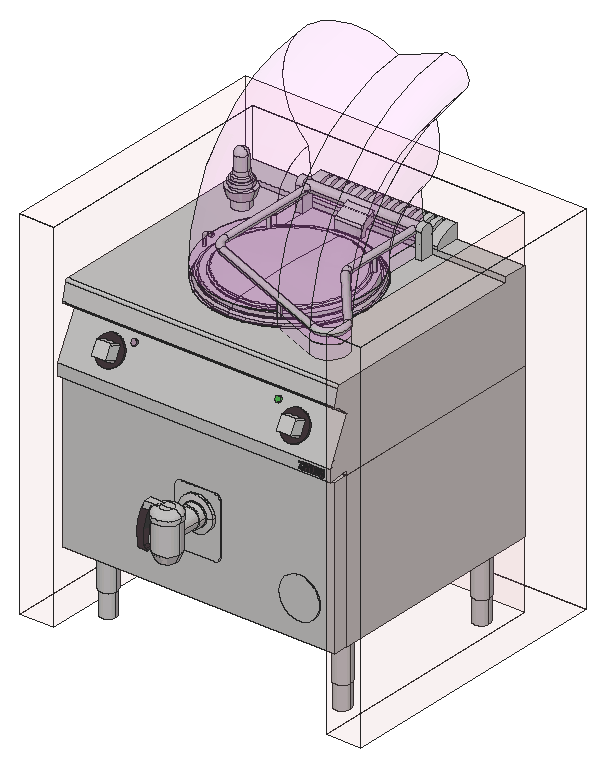
Revit family "QF_ZANUSSI_372269_Z7BSGHINF0", category Attrezzature speciali, Revit 2020
Family settings
  Quota connettore circolare = Usa diametro
  Tipo di parte = Normale
  Basato su piano di lavoro = No
  Sempre verticale = Sì
  Taglio con vuoti quando caricato = No
  Condiviso = Sì
  Punto di calcolo locali = No
Parameters (values of type "Standard")
  Weight = 220.462 lbm
  Watts = 100 W
  Volts = 230 V
  URL Manufacturer = "http://www.zanussiprofessional.com"
  URL = "http://www.zanussiprofessional.com"
  Steam Supply Size = 0"
  Steam Supply Minimum Pressure = 0.00 psi
  Steam Supply Maximum Pressure = 0.00 psi
  Steam Consumption per Hour = 0
  Show Logo [instance] = yes
  Show Clearance [instance] = yes
  Refrigeration Suction Line Size = 0 mm
  Refrigeration Liquid Line Size = 0 mm
  Refrigerant Compressor Remote = yes
  Prospetto di default = 0 mm
  Produttore = "Zanussi"
  Phase = 1
  Modello = "Z7BSGHINF0"
  Length Actual = 800 mm  # constant formula
  Item Number = "372269"
  Hot Water Size = 0"
  Height Actual = 850 mm  # constant formula
  HP = "0.1 HP"
  Gas Size = 1/2"
  Gas KW = 14
  Gas Input Pressure = 0.469158 Btu/h
  Direct Waste Size = 5 1/2"
  Descrizione = "60 LT GAS INDIRECT BOILING PAN"
  Depth Actual = 700 mm  # constant formula
  Cycle = 50 Hz
  Condensate Return Size = 0"
  Compressed Air Volume = 0 GPM
  Compressed Air Size = 0"
  Compressed Air Pressure = 0.00 psi
  Cold Water Size = 0"
  Accessory = yes
Reference planes
  plane 1 "BACK": y = 0
  plane 2: z = 0
  plane 3 "LEFT": x = 0
  plane 4 "RIGHT": x = 800
  plane 5 "FRONT": y = -730
  plane 6: z = 850
  plane 7: z = 150
  plane 8: x = -100
  plane 9: x = 900
  plane 10: y = 100
  plane 11: z = 449
  plane 12 "Top": z = 850
  plane 13: y = -365
  plane 14: x = 400
  plane 15: x = 500
  plane 16: z = 890.905
  plane 17: z = 1045.049
Forms (mm)
  Extrusion 1, solid, material "QF_Finishes_Clearance", visible <- "Show Clearance"
    sketch origin (0, -80, 0) x (1, 0, 0) y (0, 1, 0)
      loop
        line (-100, -650) -> (0, -650) -> (0, 80) -> (800, 80) -> (800, -650) -> (900, -650) -> (900, 180) -> (-100, 180) -> (-100, -650)
    from 0 to 1055
  Extrusion 2, solid, material "QF_Finishes_Door Clearance", visible <- "Show Clearance"
    sketch origin (0, 42.589, 145) x (1, 0, 0) y (0, 1, 0)
      loop
        line (215, -117.774) -> (215, -152.562) -> (234.241, -152.562) -> (234.241, -247.575)
        arc (234.241, -247.575) -> (220.868, -552.476) -> (521.828, -603.136) r 230.392
        line (521.828, -603.136) -> (660.154, -657.755)
        arc (660.154, -657.755) -> (720.452, -640.077) -> (718.135, -577.284) r 51.161
        line (718.135, -577.284) -> (623.801, -464.862)
        arc (623.801, -464.862) -> (622.911, -349.021) -> (565.758, -248.256) r 230.392
        line (565.758, -248.256) -> (565.758, -152.562) -> (585, -152.562) -> (585, -117.774) -> (215, -117.774)
    from 755 to 795.905
  Revolve 3, solid, material "QF_Finishes_Door Clearance", visible <- "Show Clearance"
    sketch origin (-999.388, 37.227, 940.905) x (1, 0, 0) y (0, 1, 0)
      loop
        line (1214.388, -112.413) -> (1214.388, -147.2) -> (1233.629, -147.2) -> (1233.629, -242.213)
        arc (1233.629, -242.213) -> (1220.256, -547.115) -> (1521.217, -597.774) r 230.392
        line (1521.217, -597.774) -> (1659.542, -652.393)
        arc (1659.542, -652.393) -> (1719.84, -634.715) -> (1717.523, -571.922) r 51.161
        line (1717.523, -571.922) -> (1623.189, -459.5)
        arc (1623.189, -459.5) -> (1622.299, -343.659) -> (1565.146, -242.895) r 230.392
        line (1565.146, -242.895) -> (1565.146, -147.2) -> (1584.388, -147.2) -> (1584.388, -112.413) -> (1214.388, -112.413)
      axis (1214.388, -112.413) -> (1717.523, -112.413)
    angle from 0 to -85
  Extrusion 4, solid, material "QF_Finishes_Stainless Steel"
    sketch origin (0, 0, 50) x (0, 1, 0) y (0, 0, 1)
      loop
        line (0, 601) -> (0, 865) -> (-70, 865) -> (-70, 850) -> (-679.358, 850)
        arc (-679.358, 850) -> (-684.643, 847.811) -> (-686.833, 842.526) r 7.474
        line (-686.833, 842.526) -> (-699.884, 797.011)
        arc (-699.884, 797.011) -> (-699.396, 794.379) -> (-697, 793.184) r 3
        line (-697, 793.184) -> (-686.802, 793.184) -> (-654.982, 761.364) -> (-715, 641.508) -> (-715, 606.508) -> (-658.645, 614.428)
        arc (-658.645, 614.428) -> (-656.101, 613.674) -> (-655, 611.259) r 3.2
        line (-655, 611.259) -> (-655, 601) -> (0, 601)
    from 0 to 800
  Extrusion 5, solid, material "QF_Finishes_Stainless Steel"
    sketch origin (28.192, 0, 82.666) x (1, 0, 0) y (0, 0, 1)
      loop
        circle (241.361, 238.63) r 30
    from 699.69 to 700.841
  Extrusion 6, solid, material "QF_Finishes_Stainless Steel"
    sketch origin (455.707, 0, 73.11) x (1, 0, 0) y (0, 0, 1)
      loop
        circle (241.361, 238.63) r 60
    from 699.69 to 700.841
  Extrusion 7, solid, material "QF_Finishes_Stainless Steel"
    sketch origin (0, 0, 50) x (1, 0, 0) y (0, 1, 0)
      loop
        line (0, 0) -> (0, -655) -> (800, -655) -> (800, 0) -> (0, 0)
    from 150 to 600
  Extrusion 8, solid, material "QF_Finishes_Stainless Steel"
    sketch origin (0, -40, 50) x (0, 1, 0) y (0, 0, 1)
      loop
        line (-660, 601) -> (-660, 150) -> (-620, 150) -> (-620, 601) -> (-660, 601)
    from 0 to 800
  Extrusion 9, solid, material "QF_Finishes_Stainless Steel"
    sketch origin (-1055.159, 259.464, 194.383) x (1, 0, 0) y (0, 1, 0)
      loop
        circle (1102.159, -787.464) r 10
    from -9.383 to 5.617
  Extrusion 10, solid, material "QF_Finishes_Stainless Steel"
    sketch origin (-1055.159, 346.464, 194.383) x (1, 0, 0) y (0, 1, 0)
      loop
        circle (1102.159, -787.464) r 10
    from -9.383 to 5.617
  Extrusion 11, solid, material "QF_Finishes_Stainless Steel"
    sketch origin (-358.159, 333.464, 194.383) x (1, 0, 0) y (0, 1, 0)
      loop
        circle (1102.159, -787.464) r 10
    from -9.383 to 5.617
  Extrusion 12, solid, material "QF_Finishes_Stainless Steel"
    sketch origin (-375.159, 268.464, 194.383) x (1, 0, 0) y (0, 1, 0)
      loop
        circle (1102.159, -787.464) r 10
    from -9.383 to 5.617
  Extrusion 13, solid, material "QF_Finishes_Stainless Steel"
    sketch origin (-602.159, 281.464, 194.383) x (1, 0, 0) y (0, 1, 0)
      loop
        circle (1102.159, -787.464) r 20
    from -9.383 to 5.617
Lines and regions (mm)
  reference lines
    curve 1: line (734, 0, 0) -> (754, 0, 0)
  model lines
    curve 2: line (0, -700, 200) -> (0, -660, 200)
Dimensions and locks
  plane 4 "RIGHT" to plane 3 "LEFT" = 800 mm
  plane 6 to level = 850 mm
  plane 3 "LEFT" to plane 4 "RIGHT" = 800 mm
  plane 5 "FRONT" to plane 1 "BACK" = 730 mm
  plane 8 to plane 3 "LEFT" = 100 mm
  plane 4 "RIGHT" to plane 9 = 100 mm
  plane 10 to plane 1 "BACK" = 100 mm
  equal spacing: plane 3 "LEFT", plane 14, plane 4 "RIGHT"
  equal spacing: plane 5 "FRONT", plane 13, plane 1 "BACK"
  plane 15 to plane 3 "LEFT" = 500 mm
  aligned and locked: level to plane 2
  aligned and locked: plane 5 "FRONT" to Extrusion 1  (x2)
  aligned and locked: Extrusion 1 to plane 4 "RIGHT"
  aligned and locked: plane 3 "LEFT" to Extrusion 1
  aligned and locked: plane 8 to Extrusion 1
  aligned and locked: plane 9 to Extrusion 1
  aligned and locked: plane 10 to Extrusion 1
  aligned and locked: plane 1 "BACK" to Extrusion 1
Automatic sketch dimensions
  curve 2 to plane 5 "FRONT" = 30 mm
  plane 7 to curve 2 = 50 mm
  curve 2 to curve 2 = 40 mm
  plane 5 "FRONT" to Extrusion 1 sketch curve = 0 mm  (x2)
  Extrusion 1 sketch curve to plane 8 = 0 mm
  Extrusion 1 sketch curve to plane 3 "LEFT" = 0 mm
  plane 1 "BACK" to Extrusion 1 sketch curve = 0 mm
  Extrusion 1 sketch curve to plane 4 "RIGHT" = 0 mm
  Extrusion 1 sketch curve to plane 9 = 0 mm
  Extrusion 1 sketch curve to plane 10 = 0 mm
  plane 1 "BACK" to curve 1 = 0 mm
  curve 1 to plane 4 "RIGHT" = 66 mm
  curve 1 to curve 1 = 20 mm
  Extrusion 2 sketch curve to plane 13 = 0 mm
  Extrusion 2 sketch curve to plane 14 = 0 mm
  Extrusion 2 sketch curve to plane 14 = 165.759 mm
  Extrusion 2 sketch curve to Extrusion 2 sketch curve = 19.241 mm
  plane 14 to Extrusion 2 sketch curve = 0.37 mm
  Extrusion 2 sketch curve to plane 15 = 21.828 mm
  Extrusion 2 sketch curve to plane 15 = 65.758 mm
  Extrusion 2 sketch curve to Extrusion 2 sketch curve = 19.242 mm
  Extrusion 2 sketch curve to plane 13 = 57.273 mm
  Extrusion 2 sketch curve to plane 15 = 123.801 mm
  Extrusion 2 sketch curve to plane 4 "RIGHT" = 139.846 mm
  Extrusion 2 sketch curve to Extrusion 2 sketch curve = 18.79 mm
  Extrusion 2 sketch curve to Extrusion 2 sketch curve = 39.191 mm
  Extrusion 2 sketch curve to Extrusion 2 sketch curve = 112.422 mm
  Extrusion 2 sketch curve to plane 5 "FRONT" = 169.453 mm
  Extrusion 2 sketch curve to Extrusion 2 sketch curve = 32.885 mm
  Extrusion 2 sketch curve to plane 13 = 1.065 mm
  Extrusion 2 sketch curve to Extrusion 2 sketch curve = 95.694 mm
  Extrusion 2 sketch curve to Extrusion 2 sketch curve = 95.013 mm
  Extrusion 2 sketch curve to Extrusion 2 sketch curve = 34.788 mm
  Revolve 3 sketch curve to plane 13 = 0 mm
  Revolve 3 sketch curve to plane 14 = 0 mm
  Revolve 3 sketch curve to plane 14 = 165.759 mm
  Revolve 3 sketch curve to Revolve 3 sketch curve = 19.241 mm
  plane 14 to Revolve 3 sketch curve = 0.37 mm
  Revolve 3 sketch curve to plane 15 = 21.828 mm
  Revolve 3 sketch curve to plane 15 = 65.758 mm
  Revolve 3 sketch curve to Revolve 3 sketch curve = 19.242 mm
  Revolve 3 sketch curve to plane 13 = 57.273 mm
  Revolve 3 sketch curve to plane 15 = 123.801 mm
  Revolve 3 sketch curve to plane 4 "RIGHT" = 139.846 mm
  Revolve 3 sketch curve to Revolve 3 sketch curve = 18.79 mm
  Revolve 3 sketch curve to Revolve 3 sketch curve = 39.191 mm
  Revolve 3 sketch curve to Revolve 3 sketch curve = 112.422 mm
  Revolve 3 sketch curve to plane 5 "FRONT" = 169.453 mm
  Revolve 3 sketch curve to Revolve 3 sketch curve = 32.885 mm
  Revolve 3 sketch curve to plane 13 = 1.065 mm
  Revolve 3 sketch curve to Revolve 3 sketch curve = 95.694 mm
  Revolve 3 sketch curve to Revolve 3 sketch curve = 95.013 mm
  Revolve 3 sketch curve to Revolve 3 sketch curve = 34.788 mm  (x2)
  Revolve 3 sketch curve to Revolve 3 sketch curve = 63.573 mm
  plane 15 to Revolve 3 sketch curve = 32.187 mm
  Extrusion 4 sketch curve to plane 1 "BACK" = 0 mm
  plane 16 to Extrusion 4 sketch curve = 24.095 mm
  plane 1 "BACK" to Extrusion 4 sketch curve = 70 mm
  Extrusion 4 sketch curve to plane 5 "FRONT" = 75.018 mm
  Extrusion 4 sketch curve to plane 5 "FRONT" = 75 mm
  Extrusion 4 sketch curve to Extrusion 4 sketch curve = 3.2 mm
  Extrusion 4 sketch curve to Extrusion 4 sketch curve = 0.445 mm
  plane 16 to Extrusion 4 sketch curve = 1.621 mm
  Extrusion 4 sketch curve to plane 5 "FRONT" = 50.642 mm
  Extrusion 4 sketch curve to plane 6 = 6.816 mm
  Extrusion 4 sketch curve to plane 5 "FRONT" = 43.198 mm
  Extrusion 4 sketch curve to Extrusion 4 sketch curve = 7.474 mm
  Extrusion 4 sketch curve to plane 6 = 3.816 mm
  Extrusion 4 sketch curve to Extrusion 4 sketch curve = 10.198 mm
  Extrusion 4 sketch curve to plane 6 = 2.989 mm
  Extrusion 4 sketch curve to plane 5 "FRONT" = 15 mm
  Extrusion 4 sketch curve to plane 6 = 38.636 mm
  Extrusion 4 sketch curve to Extrusion 4 sketch curve = 119.856 mm
  Extrusion 4 sketch curve to Extrusion 4 sketch curve = 27.08 mm
  Extrusion 4 sketch curve to Extrusion 4 sketch curve = 35 mm
  Extrusion 4 sketch curve to Extrusion 4 sketch curve = 10.259 mm
  Extrusion 5 sketch curve to plane 14 = 130.446 mm
  plane 11 to Extrusion 5 sketch curve = 127.704 mm
  Extrusion 6 sketch curve to plane 4 "RIGHT" = 102.932 mm
  plane 11 to Extrusion 6 sketch curve = 137.26 mm
  Extrusion 7 sketch curve to plane 3 "LEFT" = 0 mm
  Extrusion 7 sketch curve to plane 4 "RIGHT" = 0 mm
  plane 1 "BACK" to Extrusion 7 sketch curve = 0 mm
  Extrusion 7 sketch curve to plane 5 "FRONT" = 75 mm
  Extrusion 8 sketch curve to plane 5 "FRONT" = 30 mm
  Extrusion 8 sketch curve to Extrusion 8 sketch curve = 40 mm
  plane 7 to Extrusion 8 sketch curve = 50 mm
  Extrusion 8 sketch curve to plane 6 = 199 mm
  plane 3 "LEFT" to Extrusion 9 sketch curve = 47 mm
  Extrusion 9 sketch curve to plane 13 = 163 mm
  plane 3 "LEFT" to Extrusion 10 sketch curve = 47 mm
  Extrusion 10 sketch curve to plane 13 = 76 mm
  Extrusion 11 sketch curve to plane 4 "RIGHT" = 56 mm
  Extrusion 11 sketch curve to plane 13 = 89 mm
  Extrusion 12 sketch curve to plane 4 "RIGHT" = 73 mm
  Extrusion 12 sketch curve to plane 13 = 154 mm
  Extrusion 13 sketch curve to plane 15 = 0 mm
  Extrusion 13 sketch curve to plane 13 = 141 mm
  radius of Extrusion 5 sketch curve = 30 mm
  radius of Extrusion 6 sketch curve = 60 mm
  radius of Extrusion 9 sketch curve = 10 mm
  radius of Extrusion 10 sketch curve = 10 mm
  radius of Extrusion 11 sketch curve = 10 mm
  radius of Extrusion 12 sketch curve = 10 mm
  radius of Extrusion 13 sketch curve = 20 mm
Nested families
  nested 1: "CHIUSURA_EBOLLITORE_MANIGLIA_420" at (400, -364.434, 900), type "CHIUSURA_EBOLLITORE_MANIGLIA_420"
  nested 2: "Valvola_Sicurezza_Pressione_VERSIONE LARGA" at (99.001, -165.726, 900) x (0, -1, 0) z (0, 0, 1), type "Valvola_Sicurezza_Pressione_VERSIONE LARGA"
  nested 3: "Uscita_Fumi" at (400, -34.925, 915), type "Uscita_Fumi"
  nested 4: "CONTROLLER_XP-ZAN" at (178.223, -683.163, 755.086) x (1, 0, 0) z (0, -0.8942, 0.4478), type "CONTROLLER_XP-ZAN"
  nested 5: "CONTROLLER_XP-ZAN" at (723.911, -685.675, 750.07) x (1, 0, 0) z (0, -0.8942, 0.4478), type "CONTROLLER_XP-ZAN"
  nested 6: "SPIA_RED" at (188.474, -668.991, 791.498) x (1, 0, 0) z (0, -0.9021, 0.4315), type "SPIA_RED"
  nested 7: "SPIA_GREEN" at (611.526, -668.991, 791.498) x (-1, 0, 0) z (0, -0.9021, 0.4315), type "SPIA_GREEN"
  nested 8: "ZANUSSI_Logo" at (748.892, -715, 722.809) x (1, 0, 0) z (0, -1, 0), Show Logo <- "Show Logo", visible <- "Show Logo", type "ZANUSSI_Logo"
    with Show Logo yes
  nested 9: "bocchettone_scarico_SX_ebollitori" at (400, -699.69, 411.296) x (1, 0, 0) z (0, -1, 0), type "bocchettone_scarico_SX_ebollitori"
    with Body Finish QF_Finishes_Stainless Steel
  nested 10: "Piedino 50xH200_par" at (56, -91, 0), type "Piedino 50xH200_par"
    with H 200 mm
  nested 11: "Piedino 50xH200_par" at (744, -91, 0), type "Piedino 50xH200_par"
    with H 200 mm
  nested 12: "Piedino 50xH200_par" at (744, -601, 0), type "Piedino 50xH200_par"
    with H 200 mm
  nested 13: "Piedino 50xH200_par" at (56, -601, 0), type "Piedino 50xH200_par"
    with H 200 mm
Connectors
  piping at (744, -454, 185), diameter 12.7, driven by "Gas Size"
    settings: on Extrusion 11, index 7, connector inside diameter 24", connector length 0 mm, flow factor 0, pipe flow 0 GPM, pressure drop 0.00 psi, fitting loss kfactor 0, connector angle 0.00°, fixture units 0, engagement length 0 mm, angle of deflection 0.00°, flow configuration 0, flow direction 0, fitting loss method 0, system type 29, joint type 0, gender type 0, connector reference index -1, connector utility 0, adjustable connector no, is connector primary yes, connector description "Gas Connection"
  piping at (500, -506, 185), diameter 139.7, driven by "Direct Waste Size"
    settings: on Extrusion 13, index 8, connector inside diameter 24", connector length 0 mm, flow factor 0, pipe flow 0 GPM, pressure drop 0.00 psi, fitting loss kfactor 0, connector angle 0.00°, fixture units 0, engagement length 0 mm, angle of deflection 0.00°, flow configuration 0, flow direction 0, fitting loss method 0, system type 29, joint type 0, gender type 0, connector reference index -1, connector utility 0, adjustable connector no, is connector primary no, connector description "Drain"
  electrical at (727, -519, 185), driven by "Volts"
    settings: on Extrusion 12, index 9, voltage 230 V, apparent load 0 VA, apparent load phase1 0 VA, apparent load phase2 0 VA, apparent load phase3 0 VA, power factor 1, load classification "Altro", number of poles 1, system type 30, power factor state 1, is connector primary yes, connector utility no, sub classification motor no, connector description "Electrical Connection"
  piping at (47, -528, 185), diameter 12.7
    settings: on Extrusion 9, index 10, connector inside diameter 24", connector length 0 mm, flow factor 0, pipe flow 0 GPM, pressure drop 0.00 psi, fitting loss kfactor 0, connector angle 0.00°, fixture units 0, engagement length 0 mm, angle of deflection 0.00°, flow configuration 0, flow direction 0, fitting loss method 0, system type 29, joint type 0, gender type 0, connector reference index -1, connector utility 0, adjustable connector no, is connector primary no, connector description "Cold Water Inlet"
  piping at (47, -441, 185), diameter 12.7
    settings: on Extrusion 10, index 11, connector inside diameter 24", connector length 0 mm, flow factor 0, pipe flow 0 GPM, pressure drop 0.00 psi, fitting loss kfactor 0, connector angle 0.00°, fixture units 0, engagement length 0 mm, angle of deflection 0.00°, flow configuration 0, flow direction 0, fitting loss method 0, system type 29, joint type 0, gender type 0, connector reference index -1, connector utility 0, adjustable connector no, is connector primary no, connector description "Hot Water Inlet"
Definition of nested family "CHIUSURA_EBOLLITORE_MANIGLIA_420"
  Parameters (values of type "CHIUSURA_EBOLLITORE_MANIGLIA_420")
    Default Elevation = 1219.2 mm
  Reference planes
    plane 1 "Centro (Fronte/Retro)": y = 0
    plane 2: z = 0
    plane 3 "Centro (Sinistra/Destra)": x = 0
  Forms (mm)
    Extrusion 1, solid
      sketch origin (0, 0, 0) x (1, 0, 0) y (0, 1, 0)
        loop
          line (-1219.2, 1219.2) -> (-1219.2, -1219.2) -> (1219.2, -1219.2) -> (1219.2, 1219.2) -> (-1219.2, 1219.2)
      from 0 to -304.8
    Sweep 2, solid
      path origin (-400, 374.738, -849.313) x (1, 0, 0) y (0, 1, 0)
        loop
          line (243.743, -103.594) -> (243.743, -417.5)
          arc (243.743, -417.5) -> (252.432, -445.667) -> (275.478, -464.045) r 50
          line (275.478, -464.045) -> (663.94, -616.483)
          arc (663.94, -616.483) -> (712.787, -602.077) -> (710.882, -551.185) r 41.493
          line (710.882, -551.185) -> (563.79, -375.888)
          arc (563.79, -375.888) -> (558.199, -366.203) -> (556.257, -355.19) r 32.201
          line (556.257, -355.19) -> (556.257, -103.594)
      profile origin (-156.257, 114.191, -849.313) x (1, 0, 0) y (0, 0, 1)
        loop
          circle (0, 918.759) r 9.525
    Revolve 3, solid
      sketch origin (0, 355.988, -849.313) x (0, 1, 0) y (0, 0, 1)
        loop
          line (-355.988, 849.313) -> (-355.988, 890.138)
          arc (-355.988, 890.138) -> (-448.202, 888.071) -> (-540.231, 881.875) r 2058.307
          arc (-540.231, 881.875) -> (-541.6, 881.506) -> (-542.761, 880.692) r 4.095
          line (-542.761, 880.692) -> (-546.613, 876.84) -> (-546.613, 873.469) -> (-564.694, 873.469) -> (-564.694, 853.437) -> (-572.776, 853.437) -> (-572.776, 867.549) -> (-576.075, 867.549) -> (-576.075, 865.745) -> (-580.988, 857.235) -> (-580.988, 851.51) -> (-585.988, 851.51) -> (-585.988, 849.313) -> (-355.988, 849.313)
        axis (-355.988, 849.313) -> (-355.988, 890.138)
      angle from 0 to 360
    Extrusion 4, solid
      sketch origin (-400, 374.738, -849.313) x (1, 0, 0) y (0, 1, 0)
        loop
          circle (516.64, -559.183) r 5
        loop
          circle (611.532, -432.835) r 5
        loop
          circle (556.239, -256.89) r 5
        loop
          circle (243.739, -256.89) r 5
      from 873.469 to 917.509
    Extrusion 5, solid
      sketch origin (-400, 375.449, -857.666) x (0, 1, 0) y (0, 0, 1)
        loop
          circle (-103.594, 927.13) r 15
      from 215 to 585
    Extrusion 6, solid
      sketch origin (-400, 376.074, -857.666) x (0, 1, 0) y (0, 0, 1)
        loop
          line (-161.825, 881.823) -> (-147.722, 881.823) -> (-147.722, 896.159)
          arc (-147.722, 896.159) -> (-146.818, 899.027) -> (-144.432, 900.857) r 5
          line (-144.432, 900.857) -> (-110.128, 913.343)
          arc (-110.128, 913.343) -> (-118.811, 923.657) -> (-115.705, 936.776) r 15
          line (-115.705, 936.776) -> (-157.703, 913.496)
          arc (-157.703, 913.496) -> (-160.718, 910.56) -> (-161.825, 906.499) r 8
          line (-161.825, 906.499) -> (-161.825, 881.823)
      from 361.051 to 438.949
    Extrusion 7, solid
      sketch origin (326.071, 375.449, -856.416) x (0, 1, 0) y (0, 0, -1)
        loop
          line (-86.2, -856.416) -> (-120.988, -856.416) -> (-120.988, -927.861)
          arc (-120.988, -927.861) -> (-103.594, -945.255) -> (-86.2, -927.861) r 17.394
          line (-86.2, -927.861) -> (-86.2, -856.416)
      from 492.722 to 511.071
    Sweep 8, solid
      path origin (25, 0, 0) x (1, 0, 0) y (0, 0, 1)
        loop
          line (-276.49, 0) -> (-276.49, 22.015)
          arc (-276.49, 22.015) -> (-272.687, 31.197) -> (-263.505, 35) r 12.985
          line (-263.505, 35) -> (-251.49, 35)
      profile origin (-251.49, 0, 11.007) x (-1, 0, 0) y (0, -1, 0)
        loop
          circle (0, 0) r 4
    Sweep 9, void
      path origin (25, 0.021, -0.007) x (1, 0, 0) y (0, 0, 1)
        loop
          line (-276.49, 0) -> (-276.49, 22.015)
          arc (-276.49, 22.015) -> (-272.687, 31.197) -> (-263.505, 35) r 12.985
          line (-263.505, 35) -> (-251.49, 35)
      profile origin (-251.49, 0.021, 11) x (-1, 0, 0) y (0, -1, 0)
        loop
          circle (0, 0) r 3
    Extrusion 10, solid
      sketch origin (-326.071, 375.449, -856.416) x (0, 1, 0) y (0, 0, 1)
        loop
          line (-86.2, 856.416) -> (-86.2, 927.861)
          arc (-86.2, 927.861) -> (-103.594, 945.255) -> (-120.988, 927.861) r 17.394
          line (-120.988, 927.861) -> (-120.988, 856.416) -> (-86.2, 856.416)
      from 492.722 to 511.071
  Cuts and joins
    Sweep 9 cuts Sweep 8
    joined: Sweep 2, Extrusion 5, Extrusion 7, Extrusion 10
  Dimensions and locks
    aligned and locked: plane 2 to Extrusion 1
    aligned and locked: level to Extrusion 1
Definition of nested family "Valvola_Sicurezza_Pressione_VERSIONE LARGA"
  Parameters (values of type "Valvola_Sicurezza_Pressione_VERSIONE LARGA")
    Default Elevation = 1219.2 mm
  Reference planes
    plane 1 "Centro (Fronte/Retro)": y = 0
    plane 2: z = 0
    plane 3 "Centro (Sinistra/Destra)": x = 0
  Forms (mm)
    Extrusion 1, solid
      sketch origin (0, 0, 0) x (1, 0, 0) y (0, 1, 0)
        loop
          line (-1219.2, 1219.2) -> (-1219.2, -1219.2) -> (1219.2, -1219.2) -> (1219.2, 1219.2) -> (-1219.2, 1219.2)
      from 0 to -304.8
    Revolve 2, solid
      sketch origin (0, 127, -850) x (0, 1, 0) y (0, 0, 1)
        loop
          line (-127, 850) -> (-127, 1005.049)
          arc (-127, 1005.049) -> (-139.857, 999.724) -> (-145.183, 986.867) r 18.183
          line (-145.183, 986.867) -> (-145.183, 946.198) -> (-147.515, 946.198) -> (-147.515, 935.501) -> (-152, 931.015) -> (-152, 924.56) -> (-157, 924.56) -> (-157, 919.56) -> (-160.008, 919.56) -> (-160.008, 911.432) -> (-157, 911.432) -> (-157, 902.923) -> (-168.345, 902.923) -> (-160.305, 877.208) -> (-152, 875.138) -> (-152, 850) -> (-127, 850)
        axis (-127, 850) -> (-127, 1005.049)
      angle from 0 to 360
  Dimensions and locks
    aligned and locked: plane 2 to Extrusion 1
    aligned and locked: level to Extrusion 1
Definition of nested family "Uscita_Fumi"
  Parameters (values of type "Uscita_Fumi")
    Default Elevation = 1219.2 mm
  Reference planes
    plane 1 "Centro (Fronte/Retro)": y = 0
    plane 2: z = 0
    plane 3 "Centro (Sinistra/Destra)": x = 0
  Forms (mm)
    Extrusion 1, solid
      sketch origin (0, 0, 0) x (1, 0, 0) y (0, 1, 0)
        loop
          line (-1219.2, 1219.2) -> (-1219.2, -1219.2) -> (1219.2, -1219.2) -> (1219.2, 1219.2) -> (-1219.2, 1219.2)
      from 0 to -304.8
    Extrusion 2, solid
      sketch origin (-200, 34.925, -289.638) x (0, 1, 0) y (0, 0, 1)
        loop
          line (0, 289.638) -> (0, 331.738)
          arc (0, 331.738) -> (-38.857, 324.552) -> (-69.85, 300.038) r 82.056
          line (-69.85, 300.038) -> (-69.85, 289.638) -> (0, 289.638)
      from 0 to 400
    Extrusion 3, void
      sketch origin (-200, 34.925, -15) x (0, -1, 0) y (1, 0, 0)
        loop
          line (6.761, 29.703) -> (63.911, 29.703) -> (63.911, 38.999) -> (6.761, 38.999) -> (6.761, 29.703)
        loop
          line (63.911, 64.487) -> (6.761, 64.487) -> (6.761, 55.191) -> (63.911, 55.191) -> (63.911, 64.487)
        loop
          line (63.911, 89.975) -> (6.761, 89.975) -> (6.761, 80.68) -> (63.911, 80.68) -> (63.911, 89.975)
        loop
          line (63.911, 115.464) -> (6.761, 115.464) -> (6.761, 106.168) -> (63.911, 106.168) -> (63.911, 115.464)
        loop
          line (63.911, 140.952) -> (6.761, 140.952) -> (6.761, 131.656) -> (63.911, 131.656) -> (63.911, 140.952)
        loop
          line (63.911, 166.44) -> (6.761, 166.44) -> (6.761, 157.145) -> (63.911, 157.145) -> (63.911, 166.44)
        loop
          line (63.911, 191.929) -> (6.761, 191.929) -> (6.761, 182.633) -> (63.911, 182.633) -> (63.911, 191.929)
        loop
          line (63.911, 217.417) -> (6.761, 217.417) -> (6.761, 208.121) -> (63.911, 208.121) -> (63.911, 217.417)
        loop
          line (63.911, 242.905) -> (6.761, 242.905) -> (6.761, 233.61) -> (63.911, 233.61) -> (63.911, 242.905)
        loop
          line (63.911, 268.394) -> (6.761, 268.394) -> (6.761, 259.098) -> (63.911, 259.098) -> (63.911, 268.394)
        loop
          line (63.911, 293.882) -> (6.761, 293.882) -> (6.761, 284.586) -> (63.911, 284.586) -> (63.911, 293.882)
        loop
          line (63.911, 319.37) -> (6.761, 319.37) -> (6.761, 310.075) -> (63.911, 310.075) -> (63.911, 319.37)
        loop
          line (63.911, 344.859) -> (6.761, 344.859) -> (6.761, 335.563) -> (63.911, 335.563) -> (63.911, 344.859)
        loop
          line (63.911, 370.347) -> (6.761, 370.347) -> (6.761, 361.051) -> (63.911, 361.051) -> (63.911, 370.347)
      from 25.4 to 63.5
  Cuts and joins
    Extrusion 3 cuts Extrusion 2
  Dimensions and locks
    aligned and locked: plane 2 to Extrusion 1
    aligned and locked: level to Extrusion 1
Definition of nested family "CONTROLLER_XP-ZAN"
  Parameters (values of type "CONTROLLER_XP-ZAN")
    Default Elevation = 0 mm
  Reference planes
    plane 1 "Centro (Fronte/Retro)": y = 0
    plane 2: z = 0
    plane 3 "Centro (Sinistra/Destra)": x = 0
    plane 4: x = -51.067
    plane 5: x = 51.067
    plane 6: x = 93.481
    plane 7: x = -93.481
  Forms (mm)
    Extrusion 1, solid
      sketch origin (0, 0, 0) x (1, 0, 0) y (0, 1, 0)
        loop
          line (-1219.2, 1219.2) -> (-1219.2, -1219.2) -> (1219.2, -1219.2) -> (1219.2, 1219.2) -> (-1219.2, 1219.2)
      from 0 to -304.8
    Extrusion 2, solid
      sketch origin (-46.381, -48.923, 0) x (1, 0, 0) y (0, 1, 0)
        loop
          circle (-4.687, 48.923) r 42.414
      from 0 to 3.175
    Blend 3, solid
      base sketch origin (-46.381, -48.923, 3.175) x (1, 0, 0) y (0, 1, 0)
        loop
          line (-23.687, 25.923) -> (14.313, 25.923)
          arc (14.313, 25.923) -> (17.142, 27.095) -> (18.313, 29.923) r 4
          line (18.313, 29.923) -> (18.313, 66.519)
          arc (18.313, 66.519) -> (17.342, 69.132) -> (14.901, 70.476) r 4
          arc (14.901, 70.476) -> (-4.687, 71.923) -> (-24.275, 70.476) r 133.25
          arc (-24.275, 70.476) -> (-26.716, 69.132) -> (-27.687, 66.519) r 4
          line (-27.687, 66.519) -> (-27.687, 29.923)
          arc (-27.687, 29.923) -> (-26.515, 27.095) -> (-23.687, 25.923) r 4
      top sketch origin (-46.381, -48.923, 3.175) x (1, 0, 0) y (0, 1, 0)
        loop
          line (-25.687, 66.519) -> (-25.687, 29.923)
          arc (-25.687, 29.923) -> (-25.101, 28.509) -> (-23.687, 27.923) r 2
          line (-23.687, 27.923) -> (14.313, 27.923)
          arc (14.313, 27.923) -> (15.727, 28.509) -> (16.313, 29.923) r 2
          line (16.313, 29.923) -> (16.313, 66.519)
          arc (16.313, 66.519) -> (15.828, 67.825) -> (14.607, 68.498) r 2
          arc (14.607, 68.498) -> (-4.687, 69.923) -> (-23.981, 68.498) r 131.25
          arc (-23.981, 68.498) -> (-25.201, 67.825) -> (-25.687, 66.519) r 2
      from 0 to 33
  Lines and regions (mm)
    Split face 1
      outline origin (-46.381, -48.923, 36.175) x (1, 0, 0) y (0, 1, 0)
        loop
          line (-6.687, 69.908) -> (-6.687, 62.923) -> (-2.687, 62.923) -> (-2.687, 69.908)
  Dimensions and locks
    aligned and locked: plane 2 to Extrusion 1
    aligned and locked: level to Extrusion 1
Definition of nested family "SPIA_RED"
  Parameters
    Default Elevation = 1219.2 mm
  Reference planes
    plane 1 "Centro (Fronte/Retro)": y = 0
    plane 2: z = 0
    plane 3 "Centro (Sinistra/Destra)": x = 0
  Forms (mm)
    Extrusion 1, solid
      sketch origin (0, 0, 0) x (1, 0, 0) y (0, 1, 0)
        loop
          line (-1219.2, 1219.2) -> (-1219.2, -1219.2) -> (1219.2, -1219.2) -> (1219.2, 1219.2) -> (-1219.2, 1219.2)
      from 0 to -304.8
    Extrusion 2, solid
      sketch origin (-367.513, 69.533, 3.175) x (-1, 0, 0) y (0, 1, 0)
        loop
          circle (-367.513, -69.533) r 8
      from 0 to 3.175
  Dimensions and locks
    aligned and locked: plane 2 to Extrusion 1
    aligned and locked: level to Extrusion 1
Definition of nested family "SPIA_GREEN"
  Parameters
    Default Elevation = 1219.2 mm
  Reference planes
    plane 1 "Centro (Fronte/Retro)": y = 0
    plane 2: z = 0
    plane 3 "Centro (Sinistra/Destra)": x = 0
  Forms (mm)
    Extrusion 1, solid
      sketch origin (0, 0, 0) x (1, 0, 0) y (0, 1, 0)
        loop
          line (-1219.2, 1219.2) -> (-1219.2, -1219.2) -> (1219.2, -1219.2) -> (1219.2, 1219.2) -> (-1219.2, 1219.2)
      from 0 to -304.8
    Extrusion 2, solid
      sketch origin (-367.513, 69.533, 3.175) x (-1, 0, 0) y (0, 1, 0)
        loop
          circle (-367.513, -69.533) r 8
      from 0 to 3.175
  Dimensions and locks
    aligned and locked: plane 2 to Extrusion 1
    aligned and locked: level to Extrusion 1
Definition of nested family "ZANUSSI_Logo"
  Parameters (values of type "ZANUSSI_Logo")
    Show Logo [instance] = yes
    Default Elevation = 1219.2 mm
  Reference planes
    plane 1 "Center (Front/Back)": y = -49
    plane 2: z = 0
    plane 3 "Center (Left/Right)": x = -9.92
  Forms (mm)
    Extrusion 1, solid
      sketch origin (0, 0, 0) x (1, 0, 0) y (0, 1, 0)
        loop
          line (-1219.2, 1219.2) -> (-1219.2, -1219.2) -> (1219.2, -1219.2) -> (1219.2, 1219.2) -> (-1219.2, 1219.2)
      from 0 to -304.8
    Extrusion 2, solid, visible <- "Show Logo"
      sketch origin (106.353, -215.165, -50) x (1, 0, 0) y (0, 1, 0)
        loop
          line (-137.419, 156.48) -> (-137.419, 160.444) -> (-143.365, 160.444) -> (-137.419, 172.566) -> (-137.419, 175.851) -> (-147.274, 175.851) -> (-147.274, 172.226) -> (-142.063, 172.339) -> (-147.728, 160.444) -> (-147.728, 156.48) -> (-137.419, 156.48)
        loop
          line (-131.729, 163.73) -> (-129.463, 163.73) -> (-130.596, 172.54) -> (-131.729, 163.73)
        loop
          line (-132.748, 156.48) -> (-132.182, 160.218) -> (-128.897, 160.218) -> (-128.33, 156.48) -> (-124.252, 156.48) -> (-127.877, 175.851) -> (-133.315, 175.851) -> (-136.826, 156.48) -> (-132.748, 156.48)
        loop
          line (-123.75, 175.851) -> (-123.75, 156.48) -> (-120.238, 156.48) -> (-120.238, 169.281) -> (-116.953, 156.48) -> (-112.648, 156.48) -> (-112.648, 175.851) -> (-116.273, 175.851) -> (-116.273, 163.503) -> (-119.558, 175.851) -> (-123.75, 175.851)
        loop
          arc (-111.742, 161.27) -> (-106.896, 156.448) -> (-101.433, 160.558) r 5.22
          line (-101.433, 160.558) -> (-101.433, 175.851) -> (-105.398, 175.851) -> (-105.398, 161.464)
          arc (-105.398, 161.464) -> (-106.44, 160.263) -> (-107.777, 161.124) r 1.214
          line (-107.777, 161.124) -> (-107.777, 175.851) -> (-111.742, 175.851) -> (-111.742, 161.27)
        loop
          line (-94.069, 169.734) -> (-90.331, 169.734) -> (-90.269, 171.495)
          arc (-90.269, 171.495) -> (-90.53, 173.458) -> (-91.761, 175.009) r 3.719
          arc (-91.761, 175.009) -> (-95.38, 176.189) -> (-98.998, 175.009) r 6.139
          arc (-98.998, 175.009) -> (-100.474, 172.145) -> (-100.291, 168.927) r 6.125
          arc (-100.291, 168.927) -> (-99.079, 167.149) -> (-97.591, 165.594) r 13.068
          line (-97.591, 165.594) -> (-95.921, 164.113)
          arc (-95.921, 164.113) -> (-94.934, 163.275) -> (-94.167, 162.233) r 5.571
          arc (-94.167, 162.233) -> (-94.357, 160.41) -> (-96.143, 160.003) r 1.573
          arc (-96.143, 160.003) -> (-96.681, 160.547) -> (-96.911, 161.277) r 1.631
          arc (-96.911, 161.277) -> (-96.929, 161.791) -> (-96.911, 162.305) r 7.441
          arc (-96.911, 162.305) -> (-96.895, 162.791) -> (-96.911, 163.277) r 7.03
          line (-96.911, 163.277) -> (-100.866, 163.277)
          arc (-100.866, 163.277) -> (-100.828, 160.504) -> (-99.735, 157.955) r 7.131
          arc (-99.735, 157.955) -> (-94.571, 156.484) -> (-90.221, 159.633) r 6.148
          arc (-90.221, 159.633) -> (-90.141, 162.884) -> (-91.536, 165.823) r 7.021
          line (-91.536, 165.823) -> (-95.882, 169.734)
          arc (-95.882, 169.734) -> (-96.47, 170.472) -> (-96.785, 171.362) r 2.858
          arc (-96.785, 171.362) -> (-95.666, 172.959) -> (-94.069, 171.84) r 1.379
          line (-94.069, 171.84) -> (-94.069, 169.734)
        loop
          line (-82.771, 169.734) -> (-79.033, 169.734) -> (-78.971, 171.495)
          arc (-78.971, 171.495) -> (-79.232, 173.458) -> (-80.463, 175.009) r 3.719
          arc (-80.463, 175.009) -> (-84.081, 176.189) -> (-87.7, 175.009) r 6.139
          arc (-87.7, 175.009) -> (-89.175, 172.145) -> (-88.993, 168.927) r 6.125
          arc (-88.993, 168.927) -> (-87.781, 167.149) -> (-86.293, 165.594) r 13.068
          line (-86.293, 165.594) -> (-84.623, 164.113)
          arc (-84.623, 164.113) -> (-83.636, 163.275) -> (-82.869, 162.233) r 5.571
          arc (-82.869, 162.233) -> (-83.059, 160.41) -> (-84.845, 160.003) r 1.573
          arc (-84.845, 160.003) -> (-85.383, 160.547) -> (-85.613, 161.277) r 1.631
          arc (-85.613, 161.277) -> (-85.631, 161.791) -> (-85.613, 162.305) r 7.441
          arc (-85.613, 162.305) -> (-85.596, 162.791) -> (-85.613, 163.277) r 7.03
          line (-85.613, 163.277) -> (-89.568, 163.277)
          arc (-89.568, 163.277) -> (-89.53, 160.504) -> (-88.437, 157.955) r 7.131
          arc (-88.437, 157.955) -> (-83.272, 156.484) -> (-78.922, 159.633) r 6.148
          arc (-78.922, 159.633) -> (-78.843, 162.884) -> (-80.238, 165.823) r 7.021
          line (-80.238, 165.823) -> (-84.584, 169.734)
          arc (-84.584, 169.734) -> (-85.171, 170.472) -> (-85.486, 171.362) r 2.858
          arc (-85.486, 171.362) -> (-84.368, 172.959) -> (-82.771, 171.84) r 1.379
          line (-82.771, 171.84) -> (-82.771, 169.734)
        loop
          line (-78.21, 175.851) -> (-78.21, 156.48) -> (-74.245, 156.48) -> (-74.245, 175.851) -> (-78.21, 175.851)
      from 50 to 51.6
  Dimensions and locks
    aligned and locked: plane 2 to Extrusion 1
    aligned and locked: level to Extrusion 1
Definition of nested family "bocchettone_scarico_SX_ebollitori"
  Parameters
    Default Elevation = 1219.2 mm
    Body Finish [instance] = none
  Reference planes
    plane 1 "Centro (Fronte/Retro)": y = 0
    plane 2: z = 0
    plane 3 "Centro (Sinistra/Destra)": x = 0
  Forms (mm)
    Extrusion 1, solid
      sketch origin (0, 0, 0) x (1, 0, 0) y (0, 1, 0)
        loop
          line (-1219.2, 1219.2) -> (-1219.2, -1219.2) -> (1219.2, -1219.2) -> (1219.2, 1219.2) -> (-1219.2, 1219.2)
      from 0 to -304.8
    Extrusion 2, solid
      sketch origin (-400, 240.774, 0) x (0, 1, 0) y (-1, 0, 0)
        loop
          arc (-150.774, -353.125) -> (-156.632, -338.983) -> (-170.774, -333.125) r 20
          line (-170.774, -333.125) -> (-310.774, -333.125)
          arc (-310.774, -333.125) -> (-324.916, -338.983) -> (-330.774, -353.125) r 20
          line (-330.774, -353.125) -> (-330.774, -446.875)
          arc (-330.774, -446.875) -> (-324.916, -461.017) -> (-310.774, -466.875) r 20
          line (-310.774, -466.875) -> (-170.774, -466.875)
          arc (-170.774, -466.875) -> (-156.632, -461.017) -> (-150.774, -446.875) r 20
          line (-150.774, -446.875) -> (-150.774, -353.125)
      from 0 to 3.2
    Revolve 3, solid, material <- "Body Finish"
      sketch origin (-350, 21.922, -772.589) x (1, 0, 0) y (0, 0, -1)
        loop
          line (350, -775.828) -> (350, -864.845) -> (377.31, -864.845) -> (377.31, -807.326) -> (381.52, -807.326) -> (381.52, -788.802) -> (383.56, -788.802) -> (383.56, -785.903) -> (400.479, -782.307) -> (400.479, -775.828) -> (350, -775.828)
        axis (350, -864.845) -> (350, -775.828)
      angle from 0 to 360
    Revolve 4, solid, material <- "Body Finish"
      sketch origin (-350, -526.747, 115) x (1, 0, 0) y (0, 1, 0)
        loop
          line (387.487, 584.414) -> (391.109, 584.414) -> (391.109, 596.458)
          arc (391.109, 596.458) -> (383.595, 608.72) -> (370.039, 613.521) r 21.541
          line (370.039, 613.521) -> (350, 613.521) -> (350, 475.451) -> (376.476, 475.451) -> (387.487, 500.451) -> (387.487, 584.414)
        axis (350, 475.451) -> (350, 613.521)
      angle from 0 to 360
    Extrusion 5, solid, material <- "Body Finish"
      sketch origin (-350, -775.155, 38.523) x (1, 0, 0) y (0, 1, 0)
        loop
          line (334.337, 862.322) -> (293.259, 862.322)
          arc (293.259, 862.322) -> (288.909, 852.087) -> (286.124, 841.32) r 74.823
          line (286.124, 841.32) -> (313.163, 841.32)
          arc (313.163, 841.32) -> (321.492, 854.097) -> (334.337, 862.322) r 36.276
      from 65.839 to 87.452
    Extrusion 6, solid
      sketch origin (-317.505, -797.905, 38.523) x (0.996195, 0.087156, 0) y (-0.087156, 0.996195, 0)
        loop
          line (310.083, 729.392) -> (326.95, 725.56)
          arc (326.95, 725.56) -> (330.708, 728.657) -> (328.286, 732.881) r 3.774
          arc (328.286, 732.881) -> (324.091, 735.364) -> (321.08, 739.199) r 13.226
          arc (321.08, 739.199) -> (329.921, 798.627) -> (355.034, 853.209) r 212.616
          line (355.034, 853.209) -> (332.761, 855.158)
          arc (332.761, 855.158) -> (308.651, 800.836) -> (302.633, 741.71) r 188.693
          arc (302.633, 741.71) -> (303.742, 733.968) -> (310.083, 729.392) r 10
      from 68.541 to 84.413
  Dimensions and locks
    Extrusion 5 sketch curve to Extrusion 5 sketch curve to Revolve 4 = 21.002 mm locked, 117.461 mm locked
    Extrusion 6 sketch curve to Extrusion 6 sketch curve to Extrusion 6 sketch curve to Extrusion 6 sketch curve to Extrusion 6 sketch curve to Extrusion 6 sketch curve = 2.347 mm locked, 5.062 mm locked, 5.666 mm locked, 0.894 mm locked, 115.642 mm locked
    aligned and locked: plane 2 to Extrusion 1
    aligned and locked: level to Extrusion 1
Definition of nested family "Piedino 50xH200_par"
  Parameters (values of type "Piedino 50xH200_par")
    Default Elevation = 0 mm
    H [instance] = 200 mm
  Reference planes
    plane 1 "Centro (Fronte/Retro)": y = 0
    plane 2: z = 0
    plane 3 "Centro (Sinistra/Destra)": x = 0
  Forms (mm)
    Revolve 1, solid
      sketch origin (55, 0, 0) x (-1, 0, 0) y (0, 0, -1)
        loop
          line (55, 0) -> (32.1, 0) -> (32.1, -69.05) -> (29.6, -69.05) -> (29.6, -200) -> (55, -200) -> (55, 0)
        axis (55, 0) -> (55, -200)
      angle from 0 to 360
  Dimensions and locks
    "H": Revolve 1 to plane 2
    aligned and locked: level to plane 2
  Automatic sketch dimensions
    Revolve 1 sketch curve to level = 0 mm
    Revolve 1 sketch curve to plane 3 "Centro (Sinistra/Destra)" = 0 mm  (x2)
    plane 3 "Centro (Sinistra/Destra)" to Revolve 1 sketch curve = 22.9 mm
    Revolve 1 sketch curve to Revolve 1 sketch curve = 2.5 mm
    level to Revolve 1 sketch curve = 69.05 mm
    Revolve 1 sketch curve to Revolve 1 sketch curve = 130.95 mm
    Revolve 1 sketch curve to Revolve 1 sketch curve = 0 mm
    Revolve 1 sketch curve to Revolve 1 sketch curve = 20 mm
